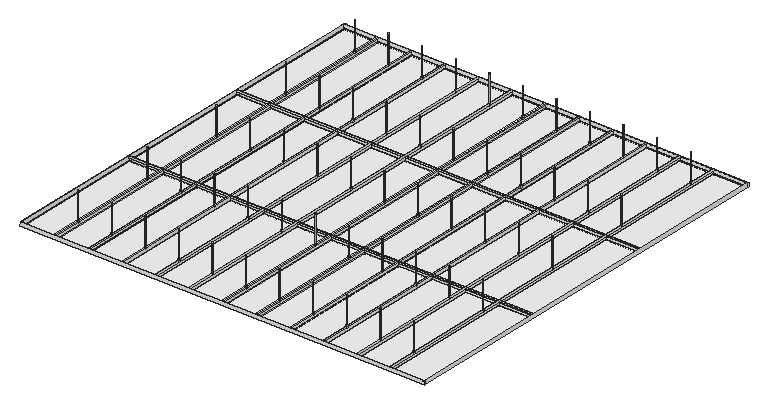
Revit family "FalsoTecho_THU_Bandeja-Parma-T15", category Modelos genéricos, Revit 2016
Family settings
  Tipo de pieza = Normal
  Puede alojar armadura = No
  Cota de conector redondo = Diámetro de uso
  Se basa en plano de trabajo = Sí
  Siempre vertical = No
  Corte con vacíos al cargar = Sí
  Compartido = Sí
  Punto de cálculo de habitación = No
Parameters (values of type "Aluminio_Descolgada-8mm_300x1200")
  Tirantes_Separación real [instance] = (Falso techo_Longitud real - (Tirante inicial_Distancia a extremo * 2)) / (Tirantes_Recuento - 1)  # 772.8 mm
  Tirantes_Recuento [instance] = (Falso techo_Longitud real - (Tirante inicial_Distancia a extremo * 2)) / Tirante_Separación aproximada + 2  # 5
  Tirante_Separación aproximada [instance] = 1000 mm  # constant formula
  Tirante_Longitud [instance] = THU_Falso techo_Plenum altura + Solape_Perfil y tirante  # 262 mm
  Tirante inicial_Distancia a extremo [instance] = if(Bandejas_Recuento longitudinal < 2, 25 mm, 250 mm)  # 250 mm
  THU_Velo [instance] = no
  THU_Subestructura_Material = "Acero galvanizado"
  THU_Subestructura_Color [instance] = THU_Blanco-RAL9003
  THU_Reacción al fuego = "A2, s1-d0"
  THU_Perfil secundario [instance] = if(T15, Perfil T15_Secundario, Perfil T15_Decor_Secundario)  # Perfil_THU_T15 : Perfil T15-Secundario
  THU_Perfil primario [instance] = if(T15, Perfil T15_Primario, Perfil T15_Decor_Primario)  # Perfil_THU_T15 : Perfil T15-Primario
  THU_Falso techo_Área [instance] = Falso techo_Longitud real * Falso techo_Anchura real  # 12.8967 m²
  THU_Falso techo_Plenum altura [instance] = 250 mm
  THU_Falso techo_Longitud [instance] = 3500 mm
  THU_Falso techo_Anchura [instance] = 3500 mm
  THU_Falso techo_Altura libre [instance] = 2500 mm
  THU_Bandeja_Material = "Aluminio"
  THU_Bandeja_Color [instance] = THU_Blanco-Mate
  THU_Bandeja = Bandeja_THU_Parma-T15 : Aluminio_V8_300x1200
  THU_Acabado [instance] = Acabado_THU_Bandejas : Liso
  T15 Decor [instance] = not(T15)  # no
  T15 [instance] = yes
  Solape_Perfil y tirante = 12 mm  # constant formula
  Página web del producto = "http://thu.es/producto/bandeja-parma-t15/"
  Página web del fabricante = "http://thu.es/"
  Perfiles secundarios_Recuento [instance] = Bandejas_Recuento longitudinal - 1  # 2
  Perfiles primarios_Recuento [instance] = Bandejas_Recuento transversal - 1  # 11
  Perfiles perimetrales_Desfase altura = 6 mm
  Perfil_Altura = 38 mm  # constant formula
  Perfil perimetral_Perfil cornisa [instance] = Perfiles perimetrales_THU : (D)_Perfil cornisa
  Perfil perimetral_L15x33 [instance] = Perfiles perimetrales_THU : (A)_L15x33
  Perfil perimetral_Angular PVC [instance] = Perfiles perimetrales_THU : (F)_Angular PVC
  Perfil perimetral_Anchura [instance] = if(A_L15x33, 15 mm, if(D_Perfil cornisa, 18 mm, if(F_Angular PVC, 28 mm, 15 mm)))  # 15 mm
  Perfil perimetral trans_Longitud [instance] = Perfil secundario_Longitud + Perfil perimetral_Distancia a bandeja * 2  # 3613.2 mm
  Perfil perimetral long_Longitud [instance] = Perfil primario_Longitud - 8 mm  # 3583.2 mm
  Perfil perimetral 04 [instance] = yes
  Perfil perimetral 03 [instance] = yes
  Perfil perimetral 02 [instance] = yes
  Perfil perimetral_Distancia a bandeja [instance] = Perfil perimetral_Anchura - 4 mm  # 11 mm
  Perfil perimetral 01 [instance] = yes
  Perfil perimetral [instance] = if(A_L15x33, Perfil perimetral_L15x33, if(D_Perfil cornisa, Perfil perimetral_Perfil cornisa, if(F_Angular PVC, Perfil perimetral_Angular PVC, Perfil perimetral_L15x33)))  # Perfiles perimetrales_THU : (A)_L15x33
  Falso techo_Longitud real [instance] = ((Perfil secundario_Intereje * Bandejas_Recuento longitudinal) - Bandejas_Separación)  # 3591.2 mm
  Falso techo_Anchura real [instance] = ((Perfil primario_Intereje * Bandejas_Recuento transversal) - Bandejas_Separación)  # 3591.2 mm
  F_Angular PVC [instance] = no
  D_Perfil cornisa [instance] = no
  Bandeja matriz_Desfase = Perfil secundario_Intereje + Bandeja_Desfase inicial  # 1204.4 mm
  Perfil secundario_Longitud [instance] = Falso techo_Anchura real  # 3591.2 mm
  Perfil secundario_Intereje = 1200 mm
  Perfil primario_Longitud [instance] = Falso techo_Longitud real  # 3591.2 mm
  Perfil primario_Intereje = 300 mm
  Perfil T15_Secundario = Perfil_THU_T15 : Perfil T15-Secundario
  Perfil T15_Primario = Perfil_THU_T15 : Perfil T15-Primario
  Perfil T15_Decor_Secundario = Perfil_THU_T15-Decor : Perfil T15-Secundario
  Perfil T15_Decor_Primario = Perfil_THU_T15-Decor : Perfil T15-Primario
  Omniclass = "23-15 19 23 11"
  Número de edición (versión) = 0
  Nombre del objeto = "Bandeja Parma T15"
  NBS Reference Description = "Board suspended ceiling system"
  NBS Reference = "20-10-10/110"
  Model = ""
  Marca = "THU"
  Manual de montaje = "http://thu.es/wp-content/uploads/manuals/MM-Techos-Bandejas-Modena-y-Parma.pdf"
  IFC Classification = "IfcCovering (CEILING)"
  Grupo del producto = "Bandejas"
  Ficha técnica = "http://thu.es/wp-content/uploads/datasheets/ft-bandejas-parma-15-thu.pdf"
  Ficha resumen = "http://thu.es/wp-content/uploads/datasheets/THU_Techos_metalicos_Bandeja_Parma_T15.pdf"
  Fecha de publicación del objeto BIM = ""
  Famila del producto = "Techos metálicos"
  Falso techo_Grosor = Bandeja_Descuelgue + Perfil_Altura  # 43.2 mm
  Fabricante = "THU Perfil S.L."
  Default Elevation = 0 mm
  Descripción = "Bandejas THU tipo Parma de dimensiones 595x595 mm, de cantos biselados (V6), rectos (V8) o enrasada y con sistema de perfilería vista (T15 o T-Decor15 (solo con V8)), compuesta por perfiles primarios y secundarios de ancho 15 mm y diferentes alturas."
  Declaración de prestaciones = "http://thu.es/wp-content/uploads/declarations/dp_bandejas_parma_t15.pdf"
  Comentarios de tipo = "Bandejas Parma T15 para techo suspendido, para ser montadas en interior de edificios con perfilería  THU T15 o   T-Decor 15."
  COBie Type Category = "L387 : Suspended ceilings"
  Bandejas_Recuento transversal [instance] = THU_Falso techo_Anchura / Perfil primario_Intereje  # 12
  Bandejas_Recuento longitudinal [instance] = THU_Falso techo_Longitud / Perfil secundario_Intereje  # 3
  Bandejas_Recuento [instance] = Bandejas_Recuento longitudinal * Bandejas_Recuento transversal  # 36
  Bandejas_Separación = 8.8 mm
  Bandeja_Parte superior grosor = 1 mm
  Bandeja_Parte inferior grosor = 7 mm
  Bandeja_Longitud = Perfil secundario_Intereje - Bandejas_Separación  # 1191.2 mm
  Bandeja_Grosor = Bandeja_Parte superior grosor + Bandeja_Parte inferior grosor  # 8 mm
  Bandeja_Descuelgue = 5.2 mm
  Bandeja_Anchura = Perfil primario_Intereje - Bandejas_Separación  # 291.2 mm
  Bandeja_Desfase inicial = Bandejas_Separación / 2  # 4.4 mm
  A_L15x33 [instance] = yes
Types (9, lengths in mm): name | Tirantes_Separación real | Tirantes_Recuento | THU_Falso techo_Área | THU_Falso techo_Longitud | THU_Falso techo_Anchura | THU_Bandeja_Material | THU_Bandeja | Perfiles secundarios_Recuento | Perfiles primarios_Recuento | Perfiles perimetrales_Desfase altura | Perfil perimetral trans_Longitud | Perfil perimetral long_Longitud | Falso techo_Longitud real | Falso techo_Anchura real | Bandeja matriz_Desfase | Perfil secundario_Longitud | Perfil secundario_Intereje | Perfil primario_Longitud | Perfil primario_Intereje | Número de edición (versión) | Falso techo_Grosor | Bandejas_Recuento transversal | Bandejas_Recuento longitudinal | Bandejas_Recuento | Bandejas_Separación | Bandeja_Parte superior grosor | Bandeja_Parte inferior grosor | Bandeja_Longitud | Bandeja_Grosor | Bandeja_Descuelgue | Bandeja_Anchura | Bandeja_Desfase inicial
  (no name) | 772.8 | 5 | 12.8967 m² | 3500 | 3500 | "Aluminio" | Bandeja_THU_Parma-T15 : Aluminio_V8_300x1200 | 2 | 11 | 6 | 3613.2 | 3583.2 | 3591.2 | 3591.2 | 1204.4 | 3591.2 | 1200 | 3591.2 | 300 | 0 | 43.2 | 12 | 3 | 36 | 8.8 | 1 | 7 | 1191.2 | 8 | 5.2 | 291.2 | 4.4
  Acero_Enrasada_600x600 | 630.667 | 4 | 5.72166 m² | 2500 | 2500 | "Acero" | Bandeja_THU_Parma-T15 : Acero_E_600x600 | 3 | 3 | 0.8 | 2414 | 2384 | 2392 | 2392 | 604 | 2392 | 600 | 2392 | 600 | 0 | 38 | 4 | 4 | 16 | 8 | 9.6 | 1.8 | 592 | 11.4 | 0 | 592 | 4
  Acero_Descolgada-6mm_600x600 | 629 | 4 | 5.69777 m² | 2500 | 2500 | "Acero" | Bandeja_THU_Parma-T15 : Acero_V6_600x600 | 3 | 3 | 2 | 2409 | 2379 | 2387 | 2387 | 606.5 | 2387 | 600 | 2387 | 600 | 1 | 39.2 | 4 | 4 | 16 | 13 | 1 | 5 | 587 | 6 | 1.2 | 587 | 6.5
  Acero_Descolgada-8mm_600x600 | 630.4 | 4 | 5.71784 m² | 2500 | 2500 | "Acero" | Bandeja_THU_Parma-T15 : Acero_V8_600x600 | 3 | 3 | 6 | 2413.2 | 2383.2 | 2391.2 | 2391.2 | 604.4 | 2391.2 | 600 | 2391.2 | 600 | 0 | 43.2 | 4 | 4 | 16 | 8.8 | 1 | 7 | 591.2 | 8 | 5.2 | 591.2 | 4.4
  Aluminio_Enrasada_600x600 | 630.667 | 4 | 5.72166 m² | 2500 | 2500 | "Aluminio" | Bandeja_THU_Parma-T15 : Aluminio_E_600x600 | 3 | 3 | 0.8 | 2414 | 2384 | 2392 | 2392 | 604 | 2392 | 600 | 2392 | 600 | 0 | 38 | 4 | 4 | 16 | 8 | 9.6 | 1.8 | 592 | 11.4 | 0 | 592 | 4
  Aluminio_Descolgada-6mm_600x600 | 629 | 4 | 5.69777 m² | 2500 | 2500 | "Aluminio" | Bandeja_THU_Parma-T15 : Aluminio_V6_600x600 | 3 | 3 | 2 | 2409 | 2379 | 2387 | 2387 | 606.5 | 2387 | 600 | 2387 | 600 | 1 | 39.2 | 4 | 4 | 16 | 13 | 1 | 5 | 587 | 6 | 1.2 | 587 | 6.5
  Aluminio_Descolgada-8mm_600x600 | 630.4 | 4 | 5.71784 m² | 2500 | 2500 | "Aluminio" | Bandeja_THU_Parma-T15 : Aluminio_V8_600x600 | 3 | 3 | 6 | 2413.2 | 2383.2 | 2391.2 | 2391.2 | 604.4 | 2391.2 | 600 | 2391.2 | 600 | 0 | 43.2 | 4 | 4 | 16 | 8.8 | 1 | 7 | 591.2 | 8 | 5.2 | 591.2 | 4.4
  Acero_Descolgada-8mm_300x1200 | 772.8 | 5 | 12.8967 m² | 3500 | 3500 | "Acero" | Bandeja_THU_Parma-T15 : Acero_V8_300x1200 | 2 | 11 | 6 | 3613.2 | 3583.2 | 3591.2 | 3591.2 | 1204.4 | 3591.2 | 1200 | 3591.2 | 300 | 0 | 43.2 | 12 | 3 | 36 | 8.8 | 1 | 7 | 1191.2 | 8 | 5.2 | 291.2 | 4.4
  Aluminio_Descolgada-8mm_300x1200 | 772.8 | 5 | 12.8967 m² | 3500 | 3500 | "Aluminio" | Bandeja_THU_Parma-T15 : Aluminio_V8_300x1200 | 2 | 11 | 6 | 3613.2 | 3583.2 | 3591.2 | 3591.2 | 1204.4 | 3591.2 | 1200 | 3591.2 | 300 | 0 | 43.2 | 12 | 3 | 36 | 8.8 | 1 | 7 | 1191.2 | 8 | 5.2 | 291.2 | 4.4
Reference planes
  plane 1 "Centro (Frontal/Posterior)": y = 0
  plane 2: z = 0
  plane 3 "Centro (Izquierda/Derecha)": x = 0
  plane 4 "Bandejas_Límite inferior": z = 2500
  plane 5 "Perfiles_Límite inferior": z = 2505.2
  plane 6 "Perfiles_Límite superior": z = 2543.2
  plane 7 "Plano de apoyo longitudinal_Separación rastreles": x = -4.4
  plane 8 "Plano de apoyo transversal_Separación rastreles": y = -4.4
  plane 9 "Tirantes_Parte superior": z = 2793.2
  plane 10 "Tirantes_Parte inferior": z = 2531.2
  plane 11 "Falso techo_Límite derecho": x = 3495.6
  plane 12 "Falso techo_Límite superior": y = 3495.6
  plane 13 "Falso techo_Límite derecho real": x = 3591.2
  plane 14 "Falso techo_Límite superior real": y = 3591.2
  plane 15 "Perfiles perimetrales_Límite inferior": z = 2506
Dimensions and locks
  "THU_Falso techo_Altura libre": plane 4 "Bandejas_Límite inferior" to level
  "Bandeja_Descuelgue": plane 5 "Perfiles_Límite inferior" to plane 4 "Bandejas_Límite inferior"
  "Perfil_Altura": plane 6 "Perfiles_Límite superior" to plane 5 "Perfiles_Límite inferior"
  "Bandeja_Desfase inicial": plane 7 "Plano de apoyo longitudinal_Separación rastreles" to plane 3 "Centro (Izquierda/Derecha)"
  "Bandeja_Desfase inicial": plane 1 "Centro (Frontal/Posterior)" to plane 8 "Plano de apoyo transversal_Separación rastreles"
  "Solape_Perfil y tirante": plane 6 "Perfiles_Límite superior" to plane 10 "Tirantes_Parte inferior"
  "THU_Falso techo_Plenum altura": plane 9 "Tirantes_Parte superior" to plane 6 "Perfiles_Límite superior"
  "THU_Falso techo_Anchura": plane 7 "Plano de apoyo longitudinal_Separación rastreles" to plane 11 "Falso techo_Límite derecho"
  "THU_Falso techo_Longitud": plane 12 "Falso techo_Límite superior" to plane 8 "Plano de apoyo transversal_Separación rastreles"
  "Perfil secundario_Intereje": nested 1 to plane 8 "Plano de apoyo transversal_Separación rastreles"
  group 1 to group 2 = 0 mm  (x2)
  group 1 to group 2 = 1200 mm
  "Perfil secundario_Intereje": nested 1 to nested 2
  "Perfil primario_Intereje": plane 7 "Plano de apoyo longitudinal_Separación rastreles" to nested 3
  equal spacing: group 3, group 4, group 5, group 9, group 10, group 11, group 12, group 13, group 14, group 15, group 16  (x3)
  "Perfil primario_Intereje": nested 3 to nested 4
  equal spacing: group 6, group 7, group 8  (x3)
  "Bandeja matriz_Desfase": plane 8 "Plano de apoyo transversal_Separación rastreles" to nested 7
  "Perfil perimetral_Distancia a bandeja": nested 9 to plane 3 "Centro (Izquierda/Derecha)"
  "Perfil perimetral_Distancia a bandeja": nested 9 to plane 1 "Centro (Frontal/Posterior)"
  "Perfil perimetral_Distancia a bandeja": nested 11 to plane 3 "Centro (Izquierda/Derecha)"
  "Falso techo_Longitud real": plane 1 "Centro (Frontal/Posterior)" to plane 14 "Falso techo_Límite superior real"
  "Falso techo_Anchura real": plane 3 "Centro (Izquierda/Derecha)" to plane 13 "Falso techo_Límite derecho real"
  "Perfil perimetral_Distancia a bandeja": plane 14 "Falso techo_Límite superior real" to nested 11
  "Perfiles perimetrales_Desfase altura": plane 15 "Perfiles perimetrales_Límite inferior" to plane 4 "Bandejas_Límite inferior"
  aligned and locked: level to plane 2
  aligned and locked: nested 1 to plane 3 "Centro (Izquierda/Derecha)"
  aligned and locked: nested 1 to plane 5 "Perfiles_Límite inferior"
  aligned and locked: nested 2 to plane 5 "Perfiles_Límite inferior"
  aligned and locked: plane 1 "Centro (Frontal/Posterior)" to nested 3
  aligned and locked: nested 3 to plane 5 "Perfiles_Límite inferior"
  aligned and locked: nested 4 to plane 5 "Perfiles_Límite inferior"
  aligned and locked: plane 3 "Centro (Izquierda/Derecha)" to nested 6
  aligned and locked: plane 1 "Centro (Frontal/Posterior)" to nested 6
  aligned and locked: plane 4 "Bandejas_Límite inferior" to nested 6
  aligned and locked: plane 4 "Bandejas_Límite inferior" to nested 7
  aligned and locked: nested 12 to nested 9
  aligned and locked: nested 9 to nested 12
  aligned and locked: nested 9 to nested 10
  aligned and locked: nested 10 to nested 9
  aligned and locked: plane 15 "Perfiles perimetrales_Límite inferior" to nested 10
  aligned and locked: plane 15 "Perfiles perimetrales_Límite inferior" to nested 12
  aligned and locked: nested 9 to plane 15 "Perfiles perimetrales_Límite inferior"
  aligned and locked: plane 15 "Perfiles perimetrales_Límite inferior" to nested 11
Nested families
  nested 1: "Perfil_THU_T15" at (0, 1195.6, 2505.2) x (0, -1, 0) z (0, 0, 1), Tirante_Longitud <- "Tirante_Longitud", Tirantes_Recuento <- "Tirantes_Recuento", Tirante inicial_Distancia a extremo <- "Tirante inicial_Distancia a extremo", THU_Color <- "THU_Subestructura_Color", Perfil_Longitud <- "Perfil secundario_Longitud", Perfil_Altura <- "Perfil_Altura", type <- "THU_Perfil secundario", type "Perfil T15-Secundario"
    with Tirantes_Recuento 5, Tirante_Longitud 262 mm, Tirante inicial_Distancia a extremo 250 mm, THU_Recuento (ml) 3591.2 mm, THU_Material "Acero galvanizado", THU_Color THU_Blanco-RAL9003, Perfil_Longitud 3591.2 mm, Perfil_Grosor superior 10 mm, Perfil_Grosor base 1.8 mm, Perfil_Altura alma 26.2 mm, Perfil_Altura 38 mm
  nested 2: "Perfil_THU_T15" at (0, 2395.6, 2505.2) x (0, -1, 0) z (0, 0, 1), Tirante_Longitud <- "Tirante_Longitud", Tirantes_Recuento <- "Tirantes_Recuento", Tirante inicial_Distancia a extremo <- "Tirante inicial_Distancia a extremo", THU_Color <- "THU_Subestructura_Color", Perfil_Longitud <- "Perfil secundario_Longitud", Perfil_Altura <- "Perfil_Altura", type <- "THU_Perfil secundario", type "Perfil T15-Secundario"
    with Tirantes_Recuento 5, Tirante_Longitud 262 mm, Tirante inicial_Distancia a extremo 250 mm, THU_Recuento (ml) 3591.2 mm, THU_Material "Acero galvanizado", THU_Color THU_Blanco-RAL9003, Perfil_Longitud 3591.2 mm, Perfil_Grosor superior 10 mm, Perfil_Grosor base 1.8 mm, Perfil_Altura alma 26.2 mm, Perfil_Altura 38 mm
  nested 3: "Perfil_THU_T15" at (295.6, 0, 2505.2), Tirante inicial_Distancia a extremo <- "Tirante inicial_Distancia a extremo", Tirante_Longitud <- "Tirante_Longitud", Tirantes_Recuento <- "Tirantes_Recuento", THU_Color <- "THU_Subestructura_Color", Perfil_Longitud <- "Perfil primario_Longitud", Perfil_Altura <- "Perfil_Altura", type <- "THU_Perfil primario", THU_Material <- "THU_Subestructura_Material", type "Perfil T15-Primario"
    with Tirantes_Recuento 5, Tirante_Longitud 262 mm, Tirante inicial_Distancia a extremo 250 mm, THU_Recuento (ml) 3591.2 mm, THU_Material "Acero galvanizado", THU_Color THU_Blanco-RAL9003, Perfil_Longitud 3591.2 mm, Perfil_Grosor superior 10 mm, Perfil_Grosor base 1.8 mm, Perfil_Altura alma 26.2 mm, Perfil_Altura 38 mm
  nested 4: "Perfil_THU_T15" at (595.6, 0, 2505.2), Tirante inicial_Distancia a extremo <- "Tirante inicial_Distancia a extremo", Tirante_Longitud <- "Tirante_Longitud", Tirantes_Recuento <- "Tirantes_Recuento", THU_Color <- "THU_Subestructura_Color", Perfil_Longitud <- "Perfil primario_Longitud", Perfil_Altura <- "Perfil_Altura", type <- "THU_Perfil primario", THU_Material <- "THU_Subestructura_Material", type "Perfil T15-Primario"
    with Tirantes_Recuento 5, Tirante_Longitud 262 mm, Tirante inicial_Distancia a extremo 250 mm, THU_Recuento (ml) 3591.2 mm, THU_Material "Acero galvanizado", THU_Color THU_Blanco-RAL9003, Perfil_Longitud 3591.2 mm, Perfil_Grosor superior 10 mm, Perfil_Grosor base 1.8 mm, Perfil_Altura alma 26.2 mm, Perfil_Altura 38 mm
  nested 5: "Perfil_THU_T15" at (895.6, 0, 2505.2), Tirante inicial_Distancia a extremo <- "Tirante inicial_Distancia a extremo", Tirante_Longitud <- "Tirante_Longitud", Tirantes_Recuento <- "Tirantes_Recuento", THU_Color <- "THU_Subestructura_Color", Perfil_Longitud <- "Perfil primario_Longitud", Perfil_Altura <- "Perfil_Altura", type <- "THU_Perfil primario", THU_Material <- "THU_Subestructura_Material", type "Perfil T15-Primario"
    with Tirantes_Recuento 5, Tirante_Longitud 262 mm, Tirante inicial_Distancia a extremo 250 mm, THU_Recuento (ml) 3591.2 mm, THU_Material "Acero galvanizado", THU_Color THU_Blanco-RAL9003, Perfil_Longitud 3591.2 mm, Perfil_Grosor superior 10 mm, Perfil_Grosor base 1.8 mm, Perfil_Altura alma 26.2 mm, Perfil_Altura 38 mm
  nested 6: "Bandeja_THU_Parma-T15" at (0, 0, 2500), type <- "THU_Bandeja", Bandeja_Anchura <- "Bandeja_Anchura", THU_Color <- "THU_Bandeja_Color", THU_Material <- "THU_Bandeja_Material", Bandeja_Longitud <- "Bandeja_Longitud", Bandeja_Grosor <- "Bandeja_Grosor", Bandejas_Separación <- "Bandejas_Separación", Bandejas_Recuento transversal <- "Bandejas_Recuento transversal", type "Aluminio_V8_300x1200"
    with THU_Recuento (ud) 12, THU_Material "Aluminio", THU_Color THU_Blanco-Mate, Parte superior_Grosor 9.6 mm, Parte inferior_Desfase horizontal der 275.2 mm, Bandejas_Separación 8.8 mm, Bandejas_Recuento transversal 12, Bandeja_Longitud 1191.2 mm, Bandeja_Grosor 8 mm, Bandeja_Anchura 291.2 mm
  nested 7: "Bandeja_THU_Parma-T15" at (0, 1200, 2500), type <- "THU_Bandeja", Bandeja_Anchura <- "Bandeja_Anchura", THU_Color <- "THU_Bandeja_Color", THU_Material <- "THU_Bandeja_Material", Bandeja_Longitud <- "Bandeja_Longitud", Bandeja_Grosor <- "Bandeja_Grosor", Bandejas_Separación <- "Bandejas_Separación", Bandejas_Recuento transversal <- "Bandejas_Recuento transversal", type "Aluminio_V8_300x1200"
    with THU_Recuento (ud) 12, THU_Material "Aluminio", THU_Color THU_Blanco-Mate, Parte superior_Grosor 9.6 mm, Parte inferior_Desfase horizontal der 275.2 mm, Bandejas_Separación 8.8 mm, Bandejas_Recuento transversal 12, Bandeja_Longitud 1191.2 mm, Bandeja_Grosor 8 mm, Bandeja_Anchura 291.2 mm
  nested 8: "Bandeja_THU_Parma-T15" at (0, 2400, 2500), type <- "THU_Bandeja", Bandeja_Anchura <- "Bandeja_Anchura", THU_Color <- "THU_Bandeja_Color", THU_Material <- "THU_Bandeja_Material", Bandeja_Longitud <- "Bandeja_Longitud", Bandeja_Grosor <- "Bandeja_Grosor", Bandejas_Separación <- "Bandejas_Separación", Bandejas_Recuento transversal <- "Bandejas_Recuento transversal", type "Aluminio_V8_300x1200"
    with THU_Recuento (ud) 12, THU_Material "Aluminio", THU_Color THU_Blanco-Mate, Parte superior_Grosor 9.6 mm, Parte inferior_Desfase horizontal der 275.2 mm, Bandejas_Separación 8.8 mm, Bandejas_Recuento transversal 12, Bandeja_Longitud 1191.2 mm, Bandeja_Grosor 8 mm, Bandeja_Anchura 291.2 mm
  nested 9: "Perfiles perimetrales_THU" at (-11, -11, 2506) x (0, 1, 0) z (0, 0, 1), THU_Color <- "THU_Subestructura_Color", THU_Material <- "THU_Subestructura_Material", Perfil_Longitud <- "Perfil perimetral trans_Longitud", Perfil_Anchura <- "Perfil perimetral_Anchura", type <- "Perfil perimetral", visible <- "Perfil perimetral 01", type "(A)_L15x33"
    with THU_Recuento (ml) 3613.2 mm, THU_Material "Acero galvanizado", THU_Color THU_Blanco-RAL9003, Perfil_Longitud 3613.2 mm, Perfil_Anchura 15 mm
  nested 10: "Perfiles perimetrales_THU" at (3602.2, 4, 2506) x (-1, 0, 0) z (0, 0, 1), THU_Color <- "THU_Subestructura_Color", THU_Material <- "THU_Subestructura_Material", Perfil_Longitud <- "Perfil perimetral long_Longitud", Perfil_Anchura <- "Perfil perimetral_Anchura", type <- "Perfil perimetral", visible <- "Perfil perimetral 02", type "(A)_L15x33"
    with THU_Recuento (ml) 3583.2 mm, THU_Material "Acero galvanizado", THU_Color THU_Blanco-RAL9003, Perfil_Longitud 3583.2 mm, Perfil_Anchura 15 mm
  nested 11: "Perfiles perimetrales_THU" at (-11, 3602.2, 2506) x (0, -1, 0) z (0, 0, 1), THU_Color <- "THU_Subestructura_Color", THU_Material <- "THU_Subestructura_Material", Perfil_Longitud <- "Perfil perimetral trans_Longitud", Perfil_Anchura <- "Perfil perimetral_Anchura", type <- "Perfil perimetral", visible <- "Perfil perimetral 03", type "(A)_L15x33"
    with THU_Recuento (ml) 3613.2 mm, THU_Material "Acero galvanizado", THU_Color THU_Blanco-RAL9003, Perfil_Longitud 3613.2 mm, Perfil_Anchura 15 mm
  nested 12: "Perfiles perimetrales_THU" at (-11, 4, 2506), THU_Color <- "THU_Subestructura_Color", THU_Material <- "THU_Subestructura_Material", Perfil_Longitud <- "Perfil perimetral long_Longitud", Perfil_Anchura <- "Perfil perimetral_Anchura", type <- "Perfil perimetral", visible <- "Perfil perimetral 04", type "(A)_L15x33"
    with THU_Recuento (ml) 3583.2 mm, THU_Material "Acero galvanizado", THU_Color THU_Blanco-RAL9003, Perfil_Longitud 3583.2 mm, Perfil_Anchura 15 mm
  nested 13: "Perfil_THU_T15" at (1195.6, 0, 2505.2), Tirante inicial_Distancia a extremo <- "Tirante inicial_Distancia a extremo", Tirante_Longitud <- "Tirante_Longitud", Tirantes_Recuento <- "Tirantes_Recuento", THU_Color <- "THU_Subestructura_Color", Perfil_Longitud <- "Perfil primario_Longitud", Perfil_Altura <- "Perfil_Altura", type <- "THU_Perfil primario", THU_Material <- "THU_Subestructura_Material", type "Perfil T15-Primario"
    with Tirantes_Recuento 5, Tirante_Longitud 262 mm, Tirante inicial_Distancia a extremo 250 mm, THU_Recuento (ml) 3591.2 mm, THU_Material "Acero galvanizado", THU_Color THU_Blanco-RAL9003, Perfil_Longitud 3591.2 mm, Perfil_Grosor superior 10 mm, Perfil_Grosor base 1.8 mm, Perfil_Altura alma 26.2 mm, Perfil_Altura 38 mm
  nested 14: "Perfil_THU_T15" at (1495.6, 0, 2505.2), Tirante inicial_Distancia a extremo <- "Tirante inicial_Distancia a extremo", Tirante_Longitud <- "Tirante_Longitud", Tirantes_Recuento <- "Tirantes_Recuento", THU_Color <- "THU_Subestructura_Color", Perfil_Longitud <- "Perfil primario_Longitud", Perfil_Altura <- "Perfil_Altura", type <- "THU_Perfil primario", THU_Material <- "THU_Subestructura_Material", type "Perfil T15-Primario"
    with Tirantes_Recuento 5, Tirante_Longitud 262 mm, Tirante inicial_Distancia a extremo 250 mm, THU_Recuento (ml) 3591.2 mm, THU_Material "Acero galvanizado", THU_Color THU_Blanco-RAL9003, Perfil_Longitud 3591.2 mm, Perfil_Grosor superior 10 mm, Perfil_Grosor base 1.8 mm, Perfil_Altura alma 26.2 mm, Perfil_Altura 38 mm
  nested 15: "Perfil_THU_T15" at (1795.6, 0, 2505.2), Tirante inicial_Distancia a extremo <- "Tirante inicial_Distancia a extremo", Tirante_Longitud <- "Tirante_Longitud", Tirantes_Recuento <- "Tirantes_Recuento", THU_Color <- "THU_Subestructura_Color", Perfil_Longitud <- "Perfil primario_Longitud", Perfil_Altura <- "Perfil_Altura", type <- "THU_Perfil primario", THU_Material <- "THU_Subestructura_Material", type "Perfil T15-Primario"
    with Tirantes_Recuento 5, Tirante_Longitud 262 mm, Tirante inicial_Distancia a extremo 250 mm, THU_Recuento (ml) 3591.2 mm, THU_Material "Acero galvanizado", THU_Color THU_Blanco-RAL9003, Perfil_Longitud 3591.2 mm, Perfil_Grosor superior 10 mm, Perfil_Grosor base 1.8 mm, Perfil_Altura alma 26.2 mm, Perfil_Altura 38 mm
  nested 16: "Perfil_THU_T15" at (2095.6, 0, 2505.2), Tirante inicial_Distancia a extremo <- "Tirante inicial_Distancia a extremo", Tirante_Longitud <- "Tirante_Longitud", Tirantes_Recuento <- "Tirantes_Recuento", THU_Color <- "THU_Subestructura_Color", Perfil_Longitud <- "Perfil primario_Longitud", Perfil_Altura <- "Perfil_Altura", type <- "THU_Perfil primario", THU_Material <- "THU_Subestructura_Material", type "Perfil T15-Primario"
    with Tirantes_Recuento 5, Tirante_Longitud 262 mm, Tirante inicial_Distancia a extremo 250 mm, THU_Recuento (ml) 3591.2 mm, THU_Material "Acero galvanizado", THU_Color THU_Blanco-RAL9003, Perfil_Longitud 3591.2 mm, Perfil_Grosor superior 10 mm, Perfil_Grosor base 1.8 mm, Perfil_Altura alma 26.2 mm, Perfil_Altura 38 mm
  nested 17: "Perfil_THU_T15" at (2395.6, 0, 2505.2), Tirante inicial_Distancia a extremo <- "Tirante inicial_Distancia a extremo", Tirante_Longitud <- "Tirante_Longitud", Tirantes_Recuento <- "Tirantes_Recuento", THU_Color <- "THU_Subestructura_Color", Perfil_Longitud <- "Perfil primario_Longitud", Perfil_Altura <- "Perfil_Altura", type <- "THU_Perfil primario", THU_Material <- "THU_Subestructura_Material", type "Perfil T15-Primario"
    with Tirantes_Recuento 5, Tirante_Longitud 262 mm, Tirante inicial_Distancia a extremo 250 mm, THU_Recuento (ml) 3591.2 mm, THU_Material "Acero galvanizado", THU_Color THU_Blanco-RAL9003, Perfil_Longitud 3591.2 mm, Perfil_Grosor superior 10 mm, Perfil_Grosor base 1.8 mm, Perfil_Altura alma 26.2 mm, Perfil_Altura 38 mm
  nested 18: "Perfil_THU_T15" at (2695.6, 0, 2505.2), Tirante inicial_Distancia a extremo <- "Tirante inicial_Distancia a extremo", Tirante_Longitud <- "Tirante_Longitud", Tirantes_Recuento <- "Tirantes_Recuento", THU_Color <- "THU_Subestructura_Color", Perfil_Longitud <- "Perfil primario_Longitud", Perfil_Altura <- "Perfil_Altura", type <- "THU_Perfil primario", THU_Material <- "THU_Subestructura_Material", type "Perfil T15-Primario"
    with Tirantes_Recuento 5, Tirante_Longitud 262 mm, Tirante inicial_Distancia a extremo 250 mm, THU_Recuento (ml) 3591.2 mm, THU_Material "Acero galvanizado", THU_Color THU_Blanco-RAL9003, Perfil_Longitud 3591.2 mm, Perfil_Grosor superior 10 mm, Perfil_Grosor base 1.8 mm, Perfil_Altura alma 26.2 mm, Perfil_Altura 38 mm
  nested 19: "Perfil_THU_T15" at (2995.6, 0, 2505.2), Tirante inicial_Distancia a extremo <- "Tirante inicial_Distancia a extremo", Tirante_Longitud <- "Tirante_Longitud", Tirantes_Recuento <- "Tirantes_Recuento", THU_Color <- "THU_Subestructura_Color", Perfil_Longitud <- "Perfil primario_Longitud", Perfil_Altura <- "Perfil_Altura", type <- "THU_Perfil primario", THU_Material <- "THU_Subestructura_Material", type "Perfil T15-Primario"
    with Tirantes_Recuento 5, Tirante_Longitud 262 mm, Tirante inicial_Distancia a extremo 250 mm, THU_Recuento (ml) 3591.2 mm, THU_Material "Acero galvanizado", THU_Color THU_Blanco-RAL9003, Perfil_Longitud 3591.2 mm, Perfil_Grosor superior 10 mm, Perfil_Grosor base 1.8 mm, Perfil_Altura alma 26.2 mm, Perfil_Altura 38 mm
  nested 20: "Perfil_THU_T15" at (3295.6, 0, 2505.2), Tirante inicial_Distancia a extremo <- "Tirante inicial_Distancia a extremo", Tirante_Longitud <- "Tirante_Longitud", Tirantes_Recuento <- "Tirantes_Recuento", THU_Color <- "THU_Subestructura_Color", Perfil_Longitud <- "Perfil primario_Longitud", Perfil_Altura <- "Perfil_Altura", type <- "THU_Perfil primario", THU_Material <- "THU_Subestructura_Material", type "Perfil T15-Primario"
    with Tirantes_Recuento 5, Tirante_Longitud 262 mm, Tirante inicial_Distancia a extremo 250 mm, THU_Recuento (ml) 3591.2 mm, THU_Material "Acero galvanizado", THU_Color THU_Blanco-RAL9003, Perfil_Longitud 3591.2 mm, Perfil_Grosor superior 10 mm, Perfil_Grosor base 1.8 mm, Perfil_Altura alma 26.2 mm, Perfil_Altura 38 mm
Definition of nested family "Perfil_THU_T15"
  Parameters (values of type "Perfil T15-Secundario")
    Tirantes_Recuento [instance] = 2
    Tirantes = no
    Tirante_Longitud [instance] = 250 mm
    Tirante inicial_Distancia a extremo [instance] = 250 mm
    THU_Recuento (ml) [instance] = Perfil_Longitud  # 1000 mm
    THU_Mediciones = 1 < 2  # yes
    THU_Material [instance] = "Acero galvanizado"
    THU_Color [instance] = none
    Perfil_Longitud [instance] = 1000 mm
    Perfil_Anchura base = 15 mm  # constant formula
    Perfil_Grosor base [instance] = 1.8 mm  # constant formula
    Perfil_Anchura superior = 6.5 mm  # constant formula
    Perfil_Altura [instance] = 38 mm
    Nombre del objeto = "Perfil T15"
    Default Elevation = 0 mm
    Perfil_Grosor alma = 1 mm  # constant formula
    Perfil_Grosor superior [instance] = 10 mm  # constant formula
    Perfil_Altura alma [instance] = Perfil_Altura - (Perfil_Grosor base + Perfil_Grosor superior)  # 26.2 mm
  Types (2, lengths in mm): name | Tirantes
    Perfil T15-Primario | yes
    Perfil T15-Secundario | no
  Reference planes
    plane 1 "Centro (Frontal/Posterior)": y = 0
    plane 2: z = 0
    plane 3 "Centro (Izquierda/Derecha)": x = 0
    plane 4 "Perfil_Cara superior": z = 38
    plane 5 "Tirante_Cara inferior": z = 26
  Forms (mm)
    Extrusion 1, solid, material <- "THU_Color", detail levels medium+fine
      sketch origin (0, 0, 47.063) x (1, 0, 0) y (0, 0, -1)
        loop
          line (3.25, 9.063) -> (3.25, 19.063) -> (0.5, 19.063) -> (0.5, 45.263) -> (7.5, 45.263) -> (7.5, 47.063) -> (-7.5, 47.063) -> (-7.5, 45.263) -> (-0.5, 45.263) -> (-0.5, 19.063) -> (-3.25, 19.063) -> (-3.25, 9.063) -> (3.25, 9.063)
      from 0 to 1000
  Lines and regions (mm)
    reference lines
      curve 1: line (-17.5, 0, 0) -> (18.546, 0, 0)
  Dimensions and locks
    "Perfil_Anchura superior": Extrusion 1 sketch curve to Extrusion 1 sketch curve
    equal spacing: Extrusion 1 sketch curve, plane 3 "Centro (Izquierda/Derecha)", Extrusion 1 sketch curve  (x3)
    "Perfil_Grosor alma": Extrusion 1 sketch curve to Extrusion 1 sketch curve
    "Perfil_Grosor superior": Extrusion 1 sketch curve to Extrusion 1 sketch curve
    "Perfil_Altura alma": Extrusion 1 sketch curve to Extrusion 1 sketch curve
    "Perfil_Anchura base": Extrusion 1 sketch curve to Extrusion 1 sketch curve
    "Perfil_Longitud": Extrusion 1 to Extrusion 1
    "Perfil_Altura": plane 4 "Perfil_Cara superior" to level
    "Tirante inicial_Distancia a extremo": plane 1 "Centro (Frontal/Posterior)" to nested 1
    locked: plane 4 "Perfil_Cara superior" to plane 5 "Tirante_Cara inferior" at 12
    group 1 to group 2 = 0 mm  (x2)
    group 1 to group 2 = 500 mm
    "Tirante inicial_Distancia a extremo": Extrusion 1 to nested 2
    "Perfil_Grosor base": Extrusion 1 sketch curve to Extrusion 1 sketch curve
    aligned and locked: level to plane 2
    aligned and locked: Extrusion 1 sketch curve to Extrusion 1 sketch curve
    aligned and locked: Extrusion 1 to level
    aligned and locked: plane 4 "Perfil_Cara superior" to Extrusion 1  (x2)
    aligned and locked: plane 3 "Centro (Izquierda/Derecha)" to nested 1
    aligned and locked: nested 2 to plane 5 "Tirante_Cara inferior"
    aligned and locked: plane 5 "Tirante_Cara inferior" to nested 1
    aligned and locked: curve 1 to level
    aligned and locked: curve 1 to Extrusion 1 sketch curve
  Automatic sketch dimensions
    curve 1 to plane 3 "Centro (Izquierda/Derecha)" = 17.5 mm
    plane 3 "Centro (Izquierda/Derecha)" to curve 1 = 18.546 mm
    Extrusion 1 sketch curve to Extrusion 1 sketch curve = 0 mm
  Nested families
    nested 1: "Tirantes_THU" at (0, 250, 26), Tirante_Longitud <- "Tirante_Longitud", visible <- "Tirantes", Tirante_Material <- "THU_Color", type "Tirante - Perfiles", detail levels fine
      with Tirante_Material none, Tirante_Longitud 250 mm
    nested 2: "Tirantes_THU" at (0, 750, 26), Tirante_Longitud <- "Tirante_Longitud", visible <- "Tirantes", Tirante_Material <- "THU_Color", type "Tirante - Perfiles", detail levels fine
      with Tirante_Material none, Tirante_Longitud 250 mm
  Definition of nested family "Tirantes_THU"
    Parameters (values of type "Tirante - Perfil triangular")
      Tirante_Material [instance] = none
      Tirante_Longitud [instance] = 250 mm
      Pieza de cuelgue_Altura = 20 mm
      Pieza de cualgue_Anchura = 26 mm
      Perfiles = no
      Perfil triangular = yes
      Rastreles = no
      Default Elevation = 0 mm
    Types (3, lengths in mm): name | Pieza de cuelgue_Altura | Pieza de cualgue_Anchura | Perfiles | Perfil triangular | Rastreles
      Tirante - Rastreles | 40 | 10 | no | no | yes
      Tirante - Perfil triangular | 20 | 26 | no | yes | no
      Tirante - Perfiles | 20 | 10.5 | yes | no | no
    Reference planes
      plane 1 "Centro (Frontal/Posterior)": y = 0
      plane 2: z = 0
      plane 3 "Centro (Izquierda/Derecha)": x = 0
      plane 4 "Perfil_Cara superior": z = 20
      plane 5 "Tirantes_Límite superior": z = 250
      plane 6 "Pieza de cuelgue_Lateral izquierdo": x = -13
      plane 7 "Pieza de cuelgue_Lateral derecho": x = 13
    Forms (mm)
      Extrusion 1, solid, material <- "Tirante_Material"
        sketch origin (0, 0, 0) x (1, 0, 0) y (0, 1, 0)
          loop
            circle (0, 0) r 1.5
        from 20 to 250
      Extrusion 2, solid, material <- "Tirante_Material", visible <- "Perfiles"
        sketch origin (0, 0, 0) x (1, 0, 0) y (0, 0, 1)
          loop
            line (-13, 20) -> (-13, 0) -> (-8.759, 0) -> (-8.759, 2) -> (-10.518, 2) -> (-10.518, 11) -> (10.518, 11) -> (10.518, 2) -> (8.759, 2) -> (8.759, 0) -> (13, 0) -> (13, 20) -> (-13, 20)
        from -1 to 1
      Extrusion 3, solid, material <- "Tirante_Material", visible <- "Perfil triangular"
        sketch origin (0, 0, 0) x (1, 0, 0) y (0, 0, 1)
          loop
            line (0, 20) -> (-13, 20) -> (-13, 18) -> (-1, 18) -> (-1, 2.022) -> (-13, 2.022) -> (-13, 0) -> (0, 0) -> (13, 0) -> (13, 2.022) -> (1, 2.022) -> (1, 18) -> (13, 18) -> (13, 20) -> (0, 20)
        from -7.5 to 7.5
      Extrusion 4, solid, material <- "Tirante_Material", visible <- "Rastreles"
        sketch origin (0, 0, 0) x (1, 0, 0) y (0, 0, 1)
          loop
            line (-13, 0) -> (13, 0) -> (13, 20) -> (-13, 20) -> (-13, 0)
        from -1 to 1
    Dimensions and locks
      equal spacing: Extrusion 2, plane 1 "Centro (Frontal/Posterior)", Extrusion 2
      "Tirante_Longitud": plane 5 "Tirantes_Límite superior" to level
      "Pieza de cuelgue_Altura": plane 4 "Perfil_Cara superior" to level
      "Pieza de cualgue_Anchura": plane 7 "Pieza de cuelgue_Lateral derecho" to plane 6 "Pieza de cuelgue_Lateral izquierdo"
      equal spacing: plane 7 "Pieza de cuelgue_Lateral derecho", plane 3 "Centro (Izquierda/Derecha)", plane 6 "Pieza de cuelgue_Lateral izquierdo"
      locked: Extrusion 2 sketch curve to Extrusion 2 sketch curve at 2.482  (x2)
      locked: Extrusion 2 sketch curve to Extrusion 2 sketch curve at 9
      locked: Extrusion 2 sketch curve to Extrusion 2 sketch curve at 4.241  (x2)
      locked: Extrusion 3 sketch curve to Extrusion 3 sketch curve at 2  (x2)
      locked: Extrusion 3 sketch curve to Extrusion 3 sketch curve at 2.022
      aligned and locked: level to plane 2
      aligned and locked: plane 5 "Tirantes_Límite superior" to Extrusion 1
      aligned and locked: Extrusion 1 to plane 4 "Perfil_Cara superior"
      aligned and locked: Extrusion 1 to Extrusion 2
      aligned and locked: Extrusion 2 to level
      aligned and locked: Extrusion 3 sketch curve to Extrusion 3 sketch curve  (x4)
      aligned and locked: plane 4 "Perfil_Cara superior" to Extrusion 4 sketch curve
      aligned and locked: plane 7 "Pieza de cuelgue_Lateral derecho" to Extrusion 4 sketch curve
      aligned and locked: Extrusion 4 sketch curve to plane 6 "Pieza de cuelgue_Lateral izquierdo"
      aligned and locked: plane 6 "Pieza de cuelgue_Lateral izquierdo" to Extrusion 2 sketch curve
      aligned and locked: Extrusion 3 sketch curve to plane 7 "Pieza de cuelgue_Lateral derecho"
      aligned and locked: Extrusion 3 sketch curve to plane 6 "Pieza de cuelgue_Lateral izquierdo"
      aligned and locked: Extrusion 2 sketch curve to Extrusion 2 sketch curve
    Automatic sketch dimensions
      plane 1 "Centro (Frontal/Posterior)" to Extrusion 1 sketch curve = 0 mm
      Extrusion 1 sketch curve to plane 3 "Centro (Izquierda/Derecha)" = 0 mm
      Extrusion 2 sketch curve to level = 0 mm  (x2)
      Extrusion 2 sketch curve to plane 4 "Perfil_Cara superior" = 0 mm
      level to Extrusion 2 sketch curve = 2 mm
      Extrusion 3 sketch curve to plane 4 "Perfil_Cara superior" = 0 mm
      Extrusion 3 sketch curve to level = 0 mm
      Extrusion 3 sketch curve to plane 3 "Centro (Izquierda/Derecha)" = 0 mm  (x2)
      plane 3 "Centro (Izquierda/Derecha)" to Extrusion 3 sketch curve = 1 mm
      Extrusion 2 sketch curve to plane 7 "Pieza de cuelgue_Lateral derecho" = 0 mm
      Extrusion 4 sketch curve to level = 0 mm
      radius of Extrusion 1 sketch curve = 1.5 mm
Definition of nested family "Bandeja_THU_Parma-T15"
  Parameters (values of type "Aluminio_V6_600x600")
    THU_Recuento (ud) [instance] = Bandejas_Recuento transversal  # 2
    THU_Mediciones = 1 < 2  # yes
    THU_Material [instance] = "Aluminio"
    THU_Color [instance] = none
    Parte inferior_Desfase horizontal der [instance] = Bandeja_Anchura - (Parte inferior_Desfase horizontal * 2)  # 574.2 mm
    Nombre del objeto = "Modena T24 Descolgada 6 600X600"
    Default Elevation = 0 mm
    Parte inferior_Desfase vertical = 3 mm
    Parte inferior_Inicio extrusión = 0 mm  # constant formula
    Parte inferior_Desfase horizontal = 6 mm
    Parte superior_Grosor [instance] = 3 mm
    Bandejas_Recuento transversal [instance] = 2
    Bandejas_Separación [instance] = 17.3 mm
    Bandeja_Longitud [instance] = 586.2 mm
    Bandeja_Grosor [instance] = 6 mm
    Bandeja_Espesor = 1 mm  # constant formula
    Bandeja_Anchura [instance] = 586.2 mm
  Types (8, lengths in mm): name | THU_Material | Parte inferior_Desfase horizontal der | Nombre del objeto | Parte inferior_Desfase vertical | Parte inferior_Desfase horizontal | Parte superior_Grosor | Bandejas_Separación | Bandeja_Longitud | Bandeja_Grosor | Bandeja_Anchura
    Acero_E_600x600 | "Acero" | 584 | "Modena T24 Enrasada 600X600" | 1.8 | 4 | 9.6 | 10.7 | 592 | 11.4 | 592
    Acero_V6_600x600 | "Acero" | 574.2 | "Modena T24 Descolgada 6 600X600" | 3 | 6 | 3 | 17.3 | 586.2 | 6 | 586.2
    Acero_V8_600x600 | "Acero" | 574.2 | "Modena T24 Descolgada 8 600X600" | 7 | 8 | 1 | 0 | 590.2 | 8 | 590.2
    Aluminio_E_600x600 | "Aluminio" | 584 | "Modena T24 Enrasada 600X600" | 1.8 | 4 | 9.6 | 10.7 | 592 | 11.4 | 592
    Aluminio_V6_600x600 | "Aluminio" | 574.2 | "Modena T24 Descolgada 6 600X600" | 3 | 6 | 3 | 17.3 | 586.2 | 6 | 586.2
    Aluminio_V8_600x600 | "Aluminio" | 574.2 | "Modena T24 Descolgada 8 600X600" | 7 | 8 | 1 | 0 | 590.2 | 8 | 590.2
    Acero_V8_300x1200 | "Acero" | 268 | "Modena T24 Descolgada 8 600X600" | 7 | 8 | 1 | 0 | 1184 | 8 | 284
    Aluminio_V8_300x1200 | "Acero" | 268 | "Modena T24 Descolgada 8 600X600" | 7 | 8 | 1 | 0 | 1184 | 8 | 284
  Reference planes
    plane 1 "Centro (Frontal/Posterior)": y = 0
    plane 2: z = 0
    plane 3 "Centro (Izquierda/Derecha)": x = 0
    plane 4: x = 1188
  Forms (mm)
    Extrusion 1, solid, material <- "THU_Color"
      sketch origin (0, 0, 0) x (1, 0, 0) y (0, 1, 0)
        loop
          line (0, 0) -> (586.2, 0) -> (586.2, 586.2) -> (0, 586.2) -> (0, 0)
      from 3 <- "Parte inferior_Desfase vertical" to 6 <- "Bandeja_Grosor"
    Extrusion 2, solid, material <- "THU_Color"
      sketch origin (0, 0, 0) x (1, 0, 0) y (0, 1, 0)
        loop
          line (6, 580.2) -> (6, 6) -> (580.2, 6) -> (580.2, 580.2) -> (6, 580.2)
      from 0 <- "Parte inferior_Inicio extrusión" to 3 <- "Parte inferior_Desfase vertical"
    Extrusion 3, solid, material <- "THU_Color"
      sketch origin (603.5, 0, 0) x (1, 0, 0) y (0, 1, 0)
        loop
          line (0, 0) -> (586.2, 0) -> (586.2, 586.2) -> (0, 586.2) -> (0, 0)
      from 3 <- "Parte inferior_Desfase vertical" to 6 <- "Bandeja_Grosor"
    Extrusion 4, solid, material <- "THU_Color"
      sketch origin (603.5, 0, 0) x (1, 0, 0) y (0, 1, 0)
        loop
          line (6, 580.2) -> (6, 6) -> (580.2, 6) -> (580.2, 580.2) -> (6, 580.2)
      from 0 <- "Parte inferior_Inicio extrusión" to 3 <- "Parte inferior_Desfase vertical"
    Extrusion 5, void
      sketch origin (0, 0, 3) x (1, 0, 0) y (0, 1, 0)
        loop
          line (1, 585.2) -> (1, 1) -> (585.2, 1) -> (585.2, 585.2) -> (1, 585.2)
      from 1 <- "Bandeja_Espesor" to 6 <- "Bandeja_Grosor"
    Extrusion 6, void
      sketch origin (603.5, 0, 3) x (1, 0, 0) y (0, 1, 0)
        loop
          line (1, 585.2) -> (1, 1) -> (585.2, 1) -> (585.2, 585.2) -> (1, 585.2)
      from 1 <- "Bandeja_Espesor" to 6 <- "Bandeja_Grosor"
  Cuts and joins
    Extrusion 5 cuts Extrusion 1
    Extrusion 5 cuts Extrusion 2
    joined: Extrusion 1, Extrusion 2
    Extrusion 6 cuts Extrusion 3
    Extrusion 6 cuts Extrusion 4
  Lines and regions (mm)
    reference lines
      curve 1: line (0, 0, 0) -> (0, 600, 0)
      curve 2: line (0, 0, 0) -> (600, 0, 0)
      curve 3: line (600, 0, 0) -> (1200, 0, 0)
      curve 4: line (603.5, 0, 0) -> (603.5, 600, 0)
      curve 5: line (603.5, 0, 0) -> (1203.5, 0, 0)
  Dimensions and locks
    "Bandeja_Anchura": curve 1 to Extrusion 1 sketch curve
    "Bandeja_Longitud": Extrusion 1 sketch curve to curve 2
    "Parte inferior_Desfase horizontal": curve 2 to Extrusion 2 sketch curve
    "Parte inferior_Desfase horizontal": Extrusion 2 sketch curve to Extrusion 1
    "Parte inferior_Desfase horizontal": curve 1 to Extrusion 2 sketch curve
    "Bandeja_Anchura": curve 4 to Extrusion 3 sketch curve
    "Bandeja_Longitud": Extrusion 3 sketch curve to curve 5
    "Parte inferior_Desfase horizontal": curve 5 to Extrusion 4 sketch curve
    "Parte inferior_Desfase horizontal": Extrusion 4 sketch curve to Extrusion 3
    "Parte inferior_Desfase horizontal": curve 4 to Extrusion 4 sketch curve
    group 1 to group 2 = 603.5 mm
    group 1 to group 2 = 0 mm  (x2)
    "Bandejas_Separación": Extrusion 1 to curve 4
    "Parte inferior_Desfase horizontal der": Extrusion 2 sketch curve to Extrusion 2 sketch curve
    "Parte inferior_Desfase horizontal der": Extrusion 4 sketch curve to Extrusion 4 sketch curve
    plane 3 "Centro (Izquierda/Derecha)" to plane 4 = 1188 mm
    "Bandeja_Espesor": Extrusion 1 to Extrusion 5 sketch curve  (x2)
    "Bandeja_Espesor": Extrusion 5 sketch curve to Extrusion 1  (x2)
    "Bandeja_Espesor": Extrusion 3 to Extrusion 6 sketch curve  (x2)
    "Bandeja_Espesor": Extrusion 6 sketch curve to Extrusion 3  (x2)
    aligned and locked: level to plane 2
    aligned and locked: Extrusion 1 sketch curve to curve 1
    aligned and locked: Extrusion 1 sketch curve to curve 2
    aligned and locked: Extrusion 2 to level  (x2)
    aligned and locked: Extrusion 3 sketch curve to curve 4
    aligned and locked: Extrusion 3 sketch curve to curve 5
    aligned and locked: Extrusion 4 to level
  Automatic sketch dimensions
    plane 1 "Centro (Frontal/Posterior)" to curve 3 = 0 mm
    curve 3 to curve 3 = 600 mm
    plane 3 "Centro (Izquierda/Derecha)" to curve 3 = 600 mm
Definition of nested family "Perfiles perimetrales_THU"
  Parameters (values of type "U20")
    U = yes
    THU_Recuento (ml) [instance] = Perfil_Longitud  # 1000 mm
    THU_Mediciones = 1 < 2  # yes
    THU_Material [instance] = "Acero galvanizado"
    THU_Color [instance] = none
    RC = no
    Perfil_Longitud [instance] = 1000 mm
    Perfil_Grosor = 1 mm
    Perfil_Anchura [instance] = 15 mm
    Perfil_Altura = 20 mm
    Nombre del objeto = "Perfil U20"
    (A)_(F) = no
    Default Elevation = 0 mm
    (D)_Perfil cornisa = no
  Types (7, lengths in mm): name | U | THU_Material | RC | Perfil_Anchura | Perfil_Altura | Nombre del objeto | (A)_(F) | (D)_Perfil cornisa
    (A)_L24x24 | no | "Acero galvanizado" | no | 24 | 24 | "(A)_L24x24" | yes | no
    (D)_Perfil cornisa | no | "Acero galvanizado" | no | 18 | 37 | "(D)_Perfil cornisa" | no | yes
    (F)_Angular PVC | no | "PVC" | no | 28 | 22 | "(F)_Angular PVC" | yes | no
    (A)_L15x33 | no | "Acero galvanizado" | no | 15 | 33 | "(A)_L24x24" | yes | no
    U40 | yes | "Acero galvanizado" | no | 15 | 42 | "Perfil U40" | no | no
    RC | no | "Acero galvanizado" | yes | 28 | 20 | "Perfil RC" | no | no
    U20 | yes | "Acero galvanizado" | no | 15 | 20 | "Perfil U20" | no | no
  Reference planes
    plane 1 "Centro (Frontal/Posterior)": y = 0
    plane 2: z = 0
    plane 3 "Centro (Izquierda/Derecha)": x = 0
    plane 4 "Perfil_Cara superior": z = 20
    plane 5: x = 15
    plane 6: y = -1000
  Forms (mm)
    Extrusion 1, solid, material <- "THU_Color", visible <- "(A)_(F)", detail levels medium+fine
      sketch origin (0, 0, 0) x (1, 0, 0) y (0, 0, 1)
        loop
          line (0, 20) -> (0, 0) -> (15, 0) -> (15, 1) -> (1, 1) -> (1, 20) -> (0, 20)
      from 0 to 1000
    Extrusion 2, solid, material <- "THU_Color", visible <- "(D)_Perfil cornisa", detail levels medium+fine
      sketch origin (0, 0, 0) x (1, 0, 0) y (0, 0, 1)
        loop
          line (1, 20) -> (0, 20) -> (0, 1) -> (-13, 1) -> (-13, 22) -> (-14, 22) -> (-14, 0) -> (15, 0) -> (15, 1) -> (1, 1) -> (1, 20)
      from 0 to 1000
    Extrusion 3, solid, material <- "THU_Color", visible <- "U", detail levels medium+fine
      sketch origin (0, 0, 0) x (1, 0, 0) y (0, 0, 1)
        loop
          line (0, 0) -> (15, 0) -> (15, 1) -> (1, 1) -> (1, 19) -> (15, 19) -> (15, 20) -> (0, 20) -> (0, 0)
      from 0 to 1000
    Extrusion 4, solid, material <- "THU_Color", visible <- "RC"
      sketch origin (0, 0, 0) x (1, 0, 0) y (0, 0, 1)
        loop
          line (15, 0) -> (15, 1) -> (1.398, 1) -> (1.398, 1.948) -> (7.436, 4.764)
          arc (7.436, 4.764) -> (8.592, 7.941) -> (5.415, 9.097) r 2.391
          line (5.415, 9.097) -> (1, 7.038) -> (1, 19) -> (6.5, 19) -> (6.5, 17.2) -> (7.5, 17.2) -> (7.5, 20) -> (0, 20) -> (0, 5.469) -> (5.838, 8.191)
          arc (5.838, 8.191) -> (7.686, 7.518) -> (7.013, 5.67) r 1.391
          line (7.013, 5.67) -> (0, 2.4) -> (0, 0) -> (15, 0)
      from 0 to 1000
  Dimensions and locks
    "Perfil_Altura": plane 4 "Perfil_Cara superior" to level
    "Perfil_Anchura": plane 5 to plane 3 "Centro (Izquierda/Derecha)"
    locked: Extrusion 2 sketch curve to Extrusion 2 sketch curve at 1  (x3)
    locked: Extrusion 2 sketch curve to Extrusion 1 at 13
    locked: Extrusion 2 sketch curve to level at 22
    "Perfil_Longitud": plane 6 to plane 1 "Centro (Frontal/Posterior)"
    locked: Extrusion 3 sketch curve to Extrusion 3 sketch curve at 1  (x3)
    locked: Extrusion 4 sketch curve to Extrusion 4 sketch curve at 1  (x6)
    locked: Extrusion 4 sketch curve to Extrusion 4 sketch curve at 1.398
    aligned and locked: level to plane 2
    aligned and locked: plane 5 to Extrusion 1 sketch curve
    aligned and locked: Extrusion 1 sketch curve to plane 4 "Perfil_Cara superior"
    aligned and locked: plane 4 "Perfil_Cara superior" to Extrusion 2 sketch curve
    aligned and locked: plane 5 to Extrusion 2 sketch curve
    aligned and locked: plane 3 "Centro (Izquierda/Derecha)" to Extrusion 2 sketch curve
    aligned and locked: Extrusion 1 sketch curve to plane 3 "Centro (Izquierda/Derecha)"
    aligned and locked: plane 6 to Extrusion 2
    aligned and locked: plane 6 to Extrusion 1
    aligned and locked: Extrusion 3 sketch curve to plane 5
    aligned and locked: plane 5 to Extrusion 3 sketch curve
    aligned and locked: Extrusion 3 sketch curve to plane 4 "Perfil_Cara superior"
    aligned and locked: Extrusion 3 sketch curve to plane 2
    aligned and locked: plane 3 "Centro (Izquierda/Derecha)" to Extrusion 3 sketch curve
    aligned and locked: Extrusion 3 to plane 1 "Centro (Frontal/Posterior)"
    aligned and locked: Extrusion 3 to plane 6
    aligned and locked: Extrusion 4 sketch curve to plane 4 "Perfil_Cara superior"
    aligned and locked: plane 3 "Centro (Izquierda/Derecha)" to Extrusion 4 sketch curve  (x2)
    aligned and locked: level to Extrusion 4 sketch curve
    aligned and locked: plane 5 to Extrusion 4 sketch curve
    aligned and locked: Extrusion 4 to plane 6
  Automatic sketch dimensions
    Extrusion 1 sketch curve to level = 0 mm
    plane 3 "Centro (Izquierda/Derecha)" to Extrusion 1 sketch curve = 1 mm
    level to Extrusion 1 sketch curve = 1 mm
    Extrusion 2 sketch curve to level = 0 mm
    Extrusion 2 sketch curve to Extrusion 2 sketch curve = 0 mm
    Extrusion 4 sketch curve to Extrusion 4 sketch curve = 0 mm
    Extrusion 4 sketch curve to Extrusion 4 sketch curve = 4.415 mm
    Extrusion 4 sketch curve to Extrusion 4 sketch curve = 0.423 mm  (x2)
    Extrusion 4 sketch curve to Extrusion 4 sketch curve = 0.588 mm  (x2)
    Extrusion 4 sketch curve to Extrusion 4 sketch curve = 5.5 mm
    Extrusion 4 sketch curve to Extrusion 4 sketch curve = 0.948 mm
    Extrusion 4 sketch curve to Extrusion 4 sketch curve = 0.452 mm
    Extrusion 4 sketch curve to Extrusion 4 sketch curve = 3.069 mm
    Extrusion 4 sketch curve to Extrusion 4 sketch curve = 1.26 mm
    Extrusion 4 sketch curve to Extrusion 4 sketch curve = 1.8 mm
